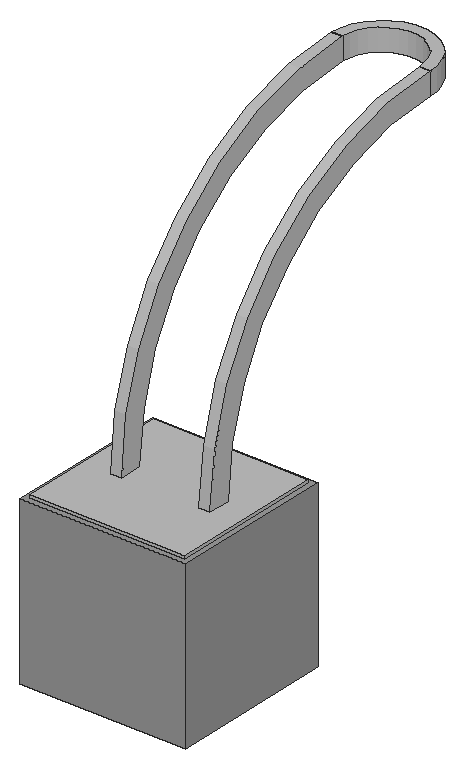
Revit family "L-FUM_자전거 보관대_DWC-140_데오스웍스", category 일반 모델, Revit 2021
Family settings
  보강 철근 호스트 가능 = 아니오
  원형 커넥터 치수 = 지름 사용
  부품 유형 = 보통
  작업 기준면 기반 = 아니오
  항상 수직 = 예
  로드될 때 보이드를 사용하여 절단 = 아니오
  공유 = 아니오
  룸 계산 점 = 아니오
Parameters
  한국산업규격KS = ""
  조달청표준공사코드-세부공종 = "24222623"
  기본 입면도 = 0 mm
  건설정보분류체계-부위분류 = "E943"
  LIM_INFO_주의사항 = "재배포, 재가공, 판매 금지"
  LIM_INFO_제품업체 = "예건"
  LIM_INFO_제품번호 = "YF-16"
  LIM_INFO_제품명 = "펜스_YF-16"
  LIM_INFO_제작일 = "20230315"
  LIM_INFO_재료 = "Hardwood, STL-pipe, STL-plate"
  LIM_INFO_업체정보 = ""
  LIM_INFO_업체URL = "https://yekun.com/"
  LIM_INFO_업체TEL = "(+82)31-943-6114"
  LIM_INFO_업체EMAIL = "yekun@yekun.com"
  LIM_INFO_버전 = "2023_V01"
  LIM_INFO_기타정보 = ""
  LIM_INFO_규격 = "W2000 x H1800"
  LIM_INFO_가격 = 0
  LIM_INFO_PV_포장재여부 = yes
  LIM_INFO_PV_면적 = 0.00 m²
  KBIMS_식별-버전 = ""
  KBIMS_식별-bSK등록번호 = ""
  KBIMS_보급정보-저작자 = "림인포테크_MMJ"
  KBIMS_보급정보-보급코드 = ""
Reference planes
  plane 1 "중심(앞/뒤)": y = 0
  plane 2: z = 0
  plane 3 "중심(왼쪽/오른쪽)": x = 0
Dimensions and locks
  aligned and locked: level to plane 2
Nested families
  nested 1: "DWC-140_base" at (0, 0, 0), type "DWC-140_base"
Definition of nested family "DWC-140_base"
  Parameters (values of type "DWC-140_base")
    Default Elevation = 0 mm
  Reference planes
    plane 1 "중심(앞/뒤)": y = 0
    plane 2: z = 0
    plane 3 "중심(왼쪽/오른쪽)": x = 0
  Forms (mm)
    Sweep 1, solid, not visible, detail levels fine
      path origin (0, 0, 0) x (1, 0, 0) y (0, 1, 0)
        loop
          circle (-1867.879, -167.062) r 568.25
      profile origin (-1867.879, 401.188, 0) x (0, -1, 0) y (0, 0, 1)
        loop
          circle (0, 0) r 28.75
        loop
          circle (0, 0) r 30.25
    Sweep 2, solid, not visible, detail levels coarse+medium
      path origin (0, 0, 0) x (1, 0, 0) y (0, 1, 0)
        loop
          circle (-1867.879, -167.062) r 568.25
      profile origin (-1867.879, 401.188, 0) x (0, -1, 0) y (0, 0, 1)
        loop
          line (26.465, -11.234) -> (26.657, 10.77) -> (11.234, 26.465) -> (-10.77, 26.657) -> (-26.465, 11.234) -> (-26.657, -10.77) -> (-11.234, -26.465) -> (10.77, -26.657) -> (26.465, -11.234)
        loop
          line (28.047, 11.332) -> (11.82, 27.845) -> (-11.332, 28.047) -> (-27.845, 11.82) -> (-28.047, -11.332) -> (-11.82, -27.845) -> (11.332, -28.047) -> (27.845, -11.82) -> (28.047, 11.332)
    Sweep 3, solid, not visible, detail levels fine
      path origin (0, 0, -1310.25) x (1, 0, 0) y (0, 1, 0)
        loop
          circle (-1867.879, -167.062) r 568.25
      profile origin (-1867.879, 401.188, -1310.25) x (0, -1, 0) y (0, 0, 1)
        loop
          circle (0, 1310.25) r 28.75
        loop
          circle (0, 1310.25) r 30.25
    Sweep 4, solid, not visible, detail levels coarse+medium
      path origin (0, 0, -1310.25) x (1, 0, 0) y (0, 1, 0)
        loop
          circle (-1867.879, -167.062) r 568.25
      profile origin (-1867.879, 401.188, -1310.25) x (0, -1, 0) y (0, 0, 1)
        loop
          line (26.465, 1299.016) -> (26.657, 1321.02) -> (11.234, 1336.715) -> (-10.77, 1336.907) -> (-26.465, 1321.484) -> (-26.657, 1299.48) -> (-11.234, 1283.785) -> (10.77, 1283.593) -> (26.465, 1299.016)
        loop
          line (28.047, 1321.582) -> (11.82, 1338.095) -> (-11.332, 1338.297) -> (-27.845, 1322.07) -> (-28.047, 1298.918) -> (-11.82, 1282.405) -> (11.332, 1282.203) -> (27.845, 1298.43) -> (28.047, 1321.582)
    Extrusion 5, solid, not visible
      sketch origin (0, 0, 0) x (1, 0, 0) y (0, 1, 0)
        loop
          line (-1678.243, -2480.024) -> (-1613.986, -2453.408)
          arc (-1613.986, -2453.408) -> (-1612.495, -2452.007) -> (-1612.304, -2449.969) r 2.893
          line (-1612.304, -2449.969) -> (-1622.315, -2413.562) -> (-1700.528, -2445.959) -> (-1681.864, -2478.781)
          arc (-1681.864, -2478.781) -> (-1680.288, -2480.087) -> (-1678.243, -2480.024) r 2.893
        loop
          line (-1517.968, -2394.568) -> (-1465.081, -2349.398)
          arc (-1465.081, -2349.398) -> (-1464.096, -2347.605) -> (-1464.544, -2345.608) r 2.893
          line (-1464.544, -2345.608) -> (-1485.315, -2314.077) -> (-1549.689, -2369.057) -> (-1521.796, -2394.505)
          arc (-1521.796, -2394.505) -> (-1519.893, -2395.26) -> (-1517.968, -2394.568) r 2.893
        loop
          line (-1391.945, -2263.766) -> (-1355.605, -2204.465)
          arc (-1355.605, -2204.465) -> (-1355.222, -2202.454) -> (-1356.265, -2200.694) r 2.893
          line (-1356.265, -2200.694) -> (-1385.763, -2177.125) -> (-1429.997, -2249.307) -> (-1395.605, -2264.89)
          arc (-1395.605, -2264.89) -> (-1393.562, -2265.02) -> (-1391.945, -2263.766) r 2.893
        loop
          line (-1312.509, -2100.424) -> (-1296.273, -2032.795)
          arc (-1296.273, -2032.795) -> (-1296.53, -2030.765) -> (-1298.067, -2029.413) r 2.893
          line (-1298.067, -2029.413) -> (-1333.404, -2016.112) -> (-1353.167, -2098.431) -> (-1315.643, -2102.623)
          arc (-1315.643, -2102.623) -> (-1313.66, -2102.116) -> (-1312.509, -2100.424) r 2.893
        loop
          line (-1287.437, -1920.529) -> (-1292.894, -1851.193)
          arc (-1292.894, -1851.193) -> (-1293.766, -1849.341) -> (-1295.645, -1848.53) r 2.893
          line (-1295.645, -1848.53) -> (-1333.364, -1846.801) -> (-1326.722, -1931.197) -> (-1289.738, -1923.589)
          arc (-1289.738, -1923.589) -> (-1288.009, -1922.494) -> (-1287.437, -1920.529) r 2.893
        loop
          line (-1319.183, -1741.691) -> (-1345.799, -1677.435)
          arc (-1345.799, -1677.435) -> (-1347.201, -1675.943) -> (-1349.238, -1675.753) r 2.893
          line (-1349.238, -1675.753) -> (-1385.645, -1685.763) -> (-1353.248, -1763.977) -> (-1320.426, -1745.312)
          arc (-1320.426, -1745.312) -> (-1319.12, -1743.736) -> (-1319.183, -1741.691) r 2.893
        loop
          line (-1404.64, -1581.416) -> (-1449.809, -1528.529)
          arc (-1449.809, -1528.529) -> (-1451.603, -1527.544) -> (-1453.6, -1527.992) r 2.893
          line (-1453.6, -1527.992) -> (-1485.131, -1548.764) -> (-1430.15, -1613.138) -> (-1404.702, -1585.244)
          arc (-1404.702, -1585.244) -> (-1403.947, -1583.342) -> (-1404.64, -1581.416) r 2.893
        loop
          line (-1535.441, -1455.393) -> (-1594.742, -1419.053)
          arc (-1594.742, -1419.053) -> (-1596.753, -1418.67) -> (-1598.513, -1419.714) r 2.893
          line (-1598.513, -1419.714) -> (-1622.083, -1449.212) -> (-1549.9, -1493.445) -> (-1534.317, -1459.053)
          arc (-1534.317, -1459.053) -> (-1534.187, -1457.01) -> (-1535.441, -1455.393) r 2.893
        loop
          line (-1698.784, -1375.958) -> (-1766.412, -1359.721)
          arc (-1766.412, -1359.721) -> (-1768.443, -1359.978) -> (-1769.795, -1361.515) r 2.893
          line (-1769.795, -1361.515) -> (-1783.095, -1396.853) -> (-1700.777, -1416.616) -> (-1696.584, -1379.091)
          arc (-1696.584, -1379.091) -> (-1697.091, -1377.108) -> (-1698.784, -1375.958) r 2.893
        loop
          line (-1878.679, -1350.886) -> (-1948.015, -1356.343)
          arc (-1948.015, -1356.343) -> (-1949.866, -1357.215) -> (-1950.677, -1359.094) r 2.893
          line (-1950.677, -1359.094) -> (-1952.406, -1396.812) -> (-1868.01, -1390.17) -> (-1875.618, -1353.187)
          arc (-1875.618, -1353.187) -> (-1876.713, -1351.457) -> (-1878.679, -1350.886) r 2.893
        loop
          line (-2057.516, -1382.632) -> (-2121.773, -1409.247)
          arc (-2121.773, -1409.247) -> (-2123.264, -1410.649) -> (-2123.455, -1412.687) r 2.893
          line (-2123.455, -1412.687) -> (-2113.444, -1449.093) -> (-2035.231, -1416.696) -> (-2053.895, -1383.874)
          arc (-2053.895, -1383.874) -> (-2055.471, -1382.568) -> (-2057.516, -1382.632) r 2.893
        loop
          line (-2217.791, -1468.088) -> (-2270.678, -1513.257)
          arc (-2270.678, -1513.257) -> (-2271.663, -1515.051) -> (-2271.215, -1517.048) r 2.893
          line (-2271.215, -1517.048) -> (-2250.444, -1548.579) -> (-2186.07, -1493.598) -> (-2213.963, -1468.15)
          arc (-2213.963, -1468.15) -> (-2215.865, -1467.395) -> (-2217.791, -1468.088) r 2.893
        loop
          line (-2343.814, -1598.889) -> (-2380.154, -1658.191)
          arc (-2380.154, -1658.191) -> (-2380.537, -1660.201) -> (-2379.494, -1661.962) r 2.893
          line (-2379.494, -1661.962) -> (-2349.996, -1685.531) -> (-2305.762, -1613.349) -> (-2340.154, -1597.766)
          arc (-2340.154, -1597.766) -> (-2342.197, -1597.635) -> (-2343.814, -1598.889) r 2.893
        loop
          line (-2437.692, -1833.243) -> (-2402.355, -1846.543) -> (-2382.592, -1764.225) -> (-2420.116, -1760.032)
          arc (-2420.116, -1760.032) -> (-2422.099, -1760.539) -> (-2423.25, -1762.232) r 2.893
          line (-2423.25, -1762.232) -> (-2439.486, -1829.861)
          arc (-2439.486, -1829.861) -> (-2439.229, -1831.891) -> (-2437.692, -1833.243) r 2.893
        loop
          line (-2440.113, -2014.125) -> (-2402.395, -2015.855) -> (-2409.037, -1931.458) -> (-2446.021, -1939.067)
          arc (-2446.021, -1939.067) -> (-2447.75, -1940.162) -> (-2448.322, -1942.127) r 2.893
          line (-2448.322, -1942.127) -> (-2442.865, -2011.463)
          arc (-2442.865, -2011.463) -> (-2441.993, -2013.314) -> (-2440.113, -2014.125) r 2.893
        loop
          line (-2386.521, -2186.903) -> (-2350.114, -2176.892) -> (-2382.511, -2098.679) -> (-2415.333, -2117.343)
          arc (-2415.333, -2117.343) -> (-2416.639, -2118.919) -> (-2416.576, -2120.965) r 2.893
          line (-2416.576, -2120.965) -> (-2389.96, -2185.221)
          arc (-2389.96, -2185.221) -> (-2388.558, -2186.712) -> (-2386.521, -2186.903) r 2.893
        loop
          line (-2282.159, -2334.663) -> (-2250.628, -2313.892) -> (-2305.609, -2249.518) -> (-2331.057, -2277.412)
          arc (-2331.057, -2277.412) -> (-2331.812, -2279.314) -> (-2331.119, -2281.24) r 2.893
          line (-2331.119, -2281.24) -> (-2285.95, -2334.126)
          arc (-2285.95, -2334.126) -> (-2284.156, -2335.112) -> (-2282.159, -2334.663) r 2.893
        loop
          line (-2137.246, -2442.942) -> (-2113.676, -2413.444) -> (-2185.859, -2369.21) -> (-2201.441, -2403.603)
          arc (-2201.441, -2403.603) -> (-2201.572, -2405.645) -> (-2200.318, -2407.263) r 2.893
          line (-2200.318, -2407.263) -> (-2141.017, -2443.603)
          arc (-2141.017, -2443.603) -> (-2139.006, -2443.986) -> (-2137.246, -2442.942) r 2.893
        loop
          line (-1965.964, -2501.141) -> (-1952.664, -2465.803) -> (-2034.982, -2446.04) -> (-2039.175, -2483.564)
          arc (-2039.175, -2483.564) -> (-2038.668, -2485.547) -> (-2036.975, -2486.698) r 2.893
          line (-2036.975, -2486.698) -> (-1969.347, -2502.934)
          arc (-1969.347, -2502.934) -> (-1967.316, -2502.677) -> (-1965.964, -2501.141) r 2.893
        loop
          line (-1785.082, -2503.562) -> (-1783.353, -2465.844) -> (-1867.749, -2472.486) -> (-1860.141, -2509.469)
          arc (-1860.141, -2509.469) -> (-1859.046, -2511.198) -> (-1857.08, -2511.77) r 2.893
          line (-1857.08, -2511.77) -> (-1787.744, -2506.313)
          arc (-1787.744, -2506.313) -> (-1785.893, -2505.441) -> (-1785.082, -2503.562) r 2.893
      from 0 to 680
    Extrusion 6, solid, not visible
      sketch origin (-326.184, 269.167, 0) x (0.987613, 0.156911, 0) y (-0.156911, 0.987613, 0)
        loop
          line (-1678.243, -2480.024) -> (-1613.986, -2453.408)
          arc (-1613.986, -2453.408) -> (-1612.495, -2452.007) -> (-1612.304, -2449.969) r 2.893
          line (-1612.304, -2449.969) -> (-1622.315, -2413.562) -> (-1700.528, -2445.959) -> (-1681.864, -2478.781)
          arc (-1681.864, -2478.781) -> (-1680.288, -2480.087) -> (-1678.243, -2480.024) r 2.893
        loop
          line (-1517.968, -2394.568) -> (-1465.081, -2349.398)
          arc (-1465.081, -2349.398) -> (-1464.096, -2347.605) -> (-1464.544, -2345.608) r 2.893
          line (-1464.544, -2345.608) -> (-1485.315, -2314.077) -> (-1549.689, -2369.057) -> (-1521.796, -2394.505)
          arc (-1521.796, -2394.505) -> (-1519.893, -2395.26) -> (-1517.968, -2394.568) r 2.893
        loop
          line (-1391.945, -2263.766) -> (-1355.605, -2204.465)
          arc (-1355.605, -2204.465) -> (-1355.222, -2202.454) -> (-1356.265, -2200.694) r 2.893
          line (-1356.265, -2200.694) -> (-1385.763, -2177.125) -> (-1429.997, -2249.307) -> (-1395.605, -2264.89)
          arc (-1395.605, -2264.89) -> (-1393.562, -2265.02) -> (-1391.945, -2263.766) r 2.893
        loop
          line (-1312.509, -2100.424) -> (-1296.273, -2032.795)
          arc (-1296.273, -2032.795) -> (-1296.53, -2030.765) -> (-1298.067, -2029.413) r 2.893
          line (-1298.067, -2029.413) -> (-1333.404, -2016.112) -> (-1353.167, -2098.431) -> (-1315.643, -2102.623)
          arc (-1315.643, -2102.623) -> (-1313.66, -2102.116) -> (-1312.509, -2100.424) r 2.893
        loop
          line (-1287.437, -1920.529) -> (-1292.894, -1851.193)
          arc (-1292.894, -1851.193) -> (-1293.766, -1849.341) -> (-1295.645, -1848.53) r 2.893
          line (-1295.645, -1848.53) -> (-1333.364, -1846.801) -> (-1326.722, -1931.197) -> (-1289.738, -1923.589)
          arc (-1289.738, -1923.589) -> (-1288.009, -1922.494) -> (-1287.437, -1920.529) r 2.893
        loop
          line (-1319.183, -1741.691) -> (-1345.799, -1677.435)
          arc (-1345.799, -1677.435) -> (-1347.201, -1675.943) -> (-1349.238, -1675.753) r 2.893
          line (-1349.238, -1675.753) -> (-1385.645, -1685.763) -> (-1353.248, -1763.977) -> (-1320.426, -1745.312)
          arc (-1320.426, -1745.312) -> (-1319.12, -1743.736) -> (-1319.183, -1741.691) r 2.893
        loop
          line (-1404.64, -1581.416) -> (-1449.809, -1528.529)
          arc (-1449.809, -1528.529) -> (-1451.603, -1527.544) -> (-1453.6, -1527.992) r 2.893
          line (-1453.6, -1527.992) -> (-1485.131, -1548.764) -> (-1430.15, -1613.138) -> (-1404.702, -1585.244)
          arc (-1404.702, -1585.244) -> (-1403.947, -1583.342) -> (-1404.64, -1581.416) r 2.893
        loop
          line (-1535.441, -1455.393) -> (-1594.742, -1419.053)
          arc (-1594.742, -1419.053) -> (-1596.753, -1418.67) -> (-1598.513, -1419.714) r 2.893
          line (-1598.513, -1419.714) -> (-1622.083, -1449.212) -> (-1549.9, -1493.445) -> (-1534.317, -1459.053)
          arc (-1534.317, -1459.053) -> (-1534.187, -1457.01) -> (-1535.441, -1455.393) r 2.893
        loop
          line (-1698.784, -1375.958) -> (-1766.412, -1359.721)
          arc (-1766.412, -1359.721) -> (-1768.443, -1359.978) -> (-1769.795, -1361.515) r 2.893
          line (-1769.795, -1361.515) -> (-1783.095, -1396.853) -> (-1700.777, -1416.616) -> (-1696.584, -1379.091)
          arc (-1696.584, -1379.091) -> (-1697.091, -1377.108) -> (-1698.784, -1375.958) r 2.893
        loop
          line (-1878.679, -1350.886) -> (-1948.015, -1356.343)
          arc (-1948.015, -1356.343) -> (-1949.866, -1357.215) -> (-1950.677, -1359.094) r 2.893
          line (-1950.677, -1359.094) -> (-1952.406, -1396.812) -> (-1868.01, -1390.17) -> (-1875.618, -1353.187)
          arc (-1875.618, -1353.187) -> (-1876.713, -1351.457) -> (-1878.679, -1350.886) r 2.893
        loop
          line (-2057.516, -1382.632) -> (-2121.773, -1409.247)
          arc (-2121.773, -1409.247) -> (-2123.264, -1410.649) -> (-2123.455, -1412.687) r 2.893
          line (-2123.455, -1412.687) -> (-2113.444, -1449.093) -> (-2035.231, -1416.696) -> (-2053.895, -1383.874)
          arc (-2053.895, -1383.874) -> (-2055.471, -1382.568) -> (-2057.516, -1382.632) r 2.893
        loop
          line (-2217.791, -1468.088) -> (-2270.678, -1513.257)
          arc (-2270.678, -1513.257) -> (-2271.663, -1515.051) -> (-2271.215, -1517.048) r 2.893
          line (-2271.215, -1517.048) -> (-2250.444, -1548.579) -> (-2186.07, -1493.598) -> (-2213.963, -1468.15)
          arc (-2213.963, -1468.15) -> (-2215.865, -1467.395) -> (-2217.791, -1468.088) r 2.893
        loop
          line (-2343.814, -1598.889) -> (-2380.154, -1658.191)
          arc (-2380.154, -1658.191) -> (-2380.537, -1660.201) -> (-2379.494, -1661.962) r 2.893
          line (-2379.494, -1661.962) -> (-2349.996, -1685.531) -> (-2305.762, -1613.349) -> (-2340.154, -1597.766)
          arc (-2340.154, -1597.766) -> (-2342.197, -1597.635) -> (-2343.814, -1598.889) r 2.893
        loop
          line (-2437.692, -1833.243) -> (-2402.355, -1846.543) -> (-2382.592, -1764.225) -> (-2420.116, -1760.032)
          arc (-2420.116, -1760.032) -> (-2422.099, -1760.539) -> (-2423.25, -1762.232) r 2.893
          line (-2423.25, -1762.232) -> (-2439.486, -1829.861)
          arc (-2439.486, -1829.861) -> (-2439.229, -1831.891) -> (-2437.692, -1833.243) r 2.893
        loop
          line (-2440.113, -2014.125) -> (-2402.395, -2015.855) -> (-2409.037, -1931.458) -> (-2446.021, -1939.067)
          arc (-2446.021, -1939.067) -> (-2447.75, -1940.162) -> (-2448.322, -1942.127) r 2.893
          line (-2448.322, -1942.127) -> (-2442.865, -2011.463)
          arc (-2442.865, -2011.463) -> (-2441.993, -2013.314) -> (-2440.113, -2014.125) r 2.893
        loop
          line (-2386.521, -2186.903) -> (-2350.114, -2176.892) -> (-2382.511, -2098.679) -> (-2415.333, -2117.343)
          arc (-2415.333, -2117.343) -> (-2416.639, -2118.919) -> (-2416.576, -2120.965) r 2.893
          line (-2416.576, -2120.965) -> (-2389.96, -2185.221)
          arc (-2389.96, -2185.221) -> (-2388.558, -2186.712) -> (-2386.521, -2186.903) r 2.893
        loop
          line (-2282.159, -2334.663) -> (-2250.628, -2313.892) -> (-2305.609, -2249.518) -> (-2331.057, -2277.412)
          arc (-2331.057, -2277.412) -> (-2331.812, -2279.314) -> (-2331.119, -2281.24) r 2.893
          line (-2331.119, -2281.24) -> (-2285.95, -2334.126)
          arc (-2285.95, -2334.126) -> (-2284.156, -2335.112) -> (-2282.159, -2334.663) r 2.893
        loop
          line (-2137.246, -2442.942) -> (-2113.676, -2413.444) -> (-2185.859, -2369.21) -> (-2201.441, -2403.603)
          arc (-2201.441, -2403.603) -> (-2201.572, -2405.645) -> (-2200.318, -2407.263) r 2.893
          line (-2200.318, -2407.263) -> (-2141.017, -2443.603)
          arc (-2141.017, -2443.603) -> (-2139.006, -2443.986) -> (-2137.246, -2442.942) r 2.893
        loop
          line (-1965.964, -2501.141) -> (-1952.664, -2465.803) -> (-2034.982, -2446.04) -> (-2039.175, -2483.564)
          arc (-2039.175, -2483.564) -> (-2038.668, -2485.547) -> (-2036.975, -2486.698) r 2.893
          line (-2036.975, -2486.698) -> (-1969.347, -2502.934)
          arc (-1969.347, -2502.934) -> (-1967.316, -2502.677) -> (-1965.964, -2501.141) r 2.893
        loop
          line (-1785.082, -2503.562) -> (-1783.353, -2465.844) -> (-1867.749, -2472.486) -> (-1860.141, -2509.469)
          arc (-1860.141, -2509.469) -> (-1859.046, -2511.198) -> (-1857.08, -2511.77) r 2.893
          line (-1857.08, -2511.77) -> (-1787.744, -2506.313)
          arc (-1787.744, -2506.313) -> (-1785.893, -2505.441) -> (-1785.082, -2503.562) r 2.893
      from 0 to 680
    Extrusion 7, solid, not visible
      sketch origin (0, 0, 0) x (1, 0, 0) y (0, 1, 0)
        loop
          circle (-1867.879, -1931.328) r 537.5
        loop
          circle (-1867.879, -1931.328) r 539.5
      from 0 to 794.31
    Sweep 8, solid, not visible, detail levels fine
      path origin (0, -1764.266, -542.405) x (1, 0, 0) y (0, 1, 0)
        loop
          circle (-1867.879, -167.062) r 568.25
      profile origin (-1867.879, -1363.078, -542.405) x (0, -1, 0) y (0, 0, 1)
        loop
          circle (0, 1310.25) r 28.75
        loop
          circle (0, 1310.25) r 30.25
    Sweep 9, solid, not visible, detail levels coarse+medium
      path origin (0, -1764.266, -542.405) x (1, 0, 0) y (0, 1, 0)
        loop
          circle (-1867.879, -167.062) r 568.25
      profile origin (-1867.879, -1363.078, -542.405) x (0, -1, 0) y (0, 0, 1)
        loop
          line (26.465, 1299.016) -> (26.657, 1321.02) -> (11.234, 1336.715) -> (-10.77, 1336.907) -> (-26.465, 1321.484) -> (-26.657, 1299.48) -> (-11.234, 1283.785) -> (10.77, 1283.593) -> (26.465, 1299.016)
        loop
          line (28.047, 1321.582) -> (11.82, 1338.095) -> (-11.332, 1338.297) -> (-27.845, 1322.07) -> (-28.047, 1298.918) -> (-11.82, 1282.405) -> (11.332, 1282.203) -> (27.845, 1298.43) -> (28.047, 1321.582)
    Sweep 10, solid, not visible, detail levels fine
      path origin (0, -1764.266, -1278.297) x (1, 0, 0) y (0, 1, 0)
        loop
          circle (-1867.879, -167.062) r 568.25
      profile origin (-1867.879, -1363.078, -1278.297) x (0, -1, 0) y (0, 0, 1)
        loop
          circle (0, 1310.25) r 28.75
        loop
          circle (0, 1310.25) r 30.25
    Sweep 11, solid, not visible, detail levels coarse+medium
      path origin (0, -1764.266, -1278.297) x (1, 0, 0) y (0, 1, 0)
        loop
          circle (-1867.879, -167.062) r 568.25
      profile origin (-1867.879, -1363.078, -1278.297) x (0, -1, 0) y (0, 0, 1)
        loop
          line (26.465, 1299.016) -> (26.657, 1321.02) -> (11.234, 1336.715) -> (-10.77, 1336.907) -> (-26.465, 1321.484) -> (-26.657, 1299.48) -> (-11.234, 1283.785) -> (10.77, 1283.593) -> (26.465, 1299.016)
        loop
          line (28.047, 1321.582) -> (11.82, 1338.095) -> (-11.332, 1338.297) -> (-27.845, 1322.07) -> (-28.047, 1298.918) -> (-11.82, 1282.405) -> (11.332, 1282.203) -> (27.845, 1298.43) -> (28.047, 1321.582)
    Extrusion 12, solid, not visible
      sketch origin (0, 0, 60) x (1, 0, 0) y (0, 1, 0)
        loop
          line (-1678.243, -2480.024) -> (-1613.986, -2453.408)
          arc (-1613.986, -2453.408) -> (-1612.495, -2452.007) -> (-1612.304, -2449.969) r 2.893
          line (-1612.304, -2449.969) -> (-1622.315, -2413.562) -> (-1700.528, -2445.959) -> (-1681.864, -2478.781)
          arc (-1681.864, -2478.781) -> (-1680.288, -2480.087) -> (-1678.243, -2480.024) r 2.893
        loop
          line (-1517.968, -2394.568) -> (-1465.081, -2349.398)
          arc (-1465.081, -2349.398) -> (-1464.096, -2347.605) -> (-1464.544, -2345.608) r 2.893
          line (-1464.544, -2345.608) -> (-1485.315, -2314.077) -> (-1549.689, -2369.057) -> (-1521.796, -2394.505)
          arc (-1521.796, -2394.505) -> (-1519.893, -2395.26) -> (-1517.968, -2394.568) r 2.893
        loop
          line (-1391.945, -2263.766) -> (-1355.605, -2204.465)
          arc (-1355.605, -2204.465) -> (-1355.222, -2202.454) -> (-1356.265, -2200.694) r 2.893
          line (-1356.265, -2200.694) -> (-1385.763, -2177.125) -> (-1429.997, -2249.307) -> (-1395.605, -2264.89)
          arc (-1395.605, -2264.89) -> (-1393.562, -2265.02) -> (-1391.945, -2263.766) r 2.893
        loop
          line (-1312.509, -2100.424) -> (-1296.273, -2032.795)
          arc (-1296.273, -2032.795) -> (-1296.53, -2030.765) -> (-1298.067, -2029.413) r 2.893
          line (-1298.067, -2029.413) -> (-1333.404, -2016.112) -> (-1353.167, -2098.431) -> (-1315.643, -2102.623)
          arc (-1315.643, -2102.623) -> (-1313.66, -2102.116) -> (-1312.509, -2100.424) r 2.893
        loop
          line (-1287.437, -1920.529) -> (-1292.894, -1851.193)
          arc (-1292.894, -1851.193) -> (-1293.766, -1849.341) -> (-1295.645, -1848.53) r 2.893
          line (-1295.645, -1848.53) -> (-1333.364, -1846.801) -> (-1326.722, -1931.197) -> (-1289.738, -1923.589)
          arc (-1289.738, -1923.589) -> (-1288.009, -1922.494) -> (-1287.437, -1920.529) r 2.893
        loop
          line (-1319.183, -1741.691) -> (-1345.799, -1677.435)
          arc (-1345.799, -1677.435) -> (-1347.201, -1675.943) -> (-1349.238, -1675.753) r 2.893
          line (-1349.238, -1675.753) -> (-1385.645, -1685.763) -> (-1353.248, -1763.977) -> (-1320.426, -1745.312)
          arc (-1320.426, -1745.312) -> (-1319.12, -1743.736) -> (-1319.183, -1741.691) r 2.893
        loop
          line (-1404.64, -1581.416) -> (-1449.809, -1528.529)
          arc (-1449.809, -1528.529) -> (-1451.603, -1527.544) -> (-1453.6, -1527.992) r 2.893
          line (-1453.6, -1527.992) -> (-1485.131, -1548.764) -> (-1430.15, -1613.138) -> (-1404.702, -1585.244)
          arc (-1404.702, -1585.244) -> (-1403.947, -1583.342) -> (-1404.64, -1581.416) r 2.893
        loop
          line (-1535.441, -1455.393) -> (-1594.742, -1419.053)
          arc (-1594.742, -1419.053) -> (-1596.753, -1418.67) -> (-1598.513, -1419.714) r 2.893
          line (-1598.513, -1419.714) -> (-1622.083, -1449.212) -> (-1549.9, -1493.445) -> (-1534.317, -1459.053)
          arc (-1534.317, -1459.053) -> (-1534.187, -1457.01) -> (-1535.441, -1455.393) r 2.893
        loop
          line (-1698.784, -1375.958) -> (-1766.412, -1359.721)
          arc (-1766.412, -1359.721) -> (-1768.443, -1359.978) -> (-1769.795, -1361.515) r 2.893
          line (-1769.795, -1361.515) -> (-1783.095, -1396.853) -> (-1700.777, -1416.616) -> (-1696.584, -1379.091)
          arc (-1696.584, -1379.091) -> (-1697.091, -1377.108) -> (-1698.784, -1375.958) r 2.893
        loop
          line (-1878.679, -1350.886) -> (-1948.015, -1356.343)
          arc (-1948.015, -1356.343) -> (-1949.866, -1357.215) -> (-1950.677, -1359.094) r 2.893
          line (-1950.677, -1359.094) -> (-1952.406, -1396.812) -> (-1868.01, -1390.17) -> (-1875.618, -1353.187)
          arc (-1875.618, -1353.187) -> (-1876.713, -1351.457) -> (-1878.679, -1350.886) r 2.893
        loop
          line (-2057.516, -1382.632) -> (-2121.773, -1409.247)
          arc (-2121.773, -1409.247) -> (-2123.264, -1410.649) -> (-2123.455, -1412.687) r 2.893
          line (-2123.455, -1412.687) -> (-2113.444, -1449.093) -> (-2035.231, -1416.696) -> (-2053.895, -1383.874)
          arc (-2053.895, -1383.874) -> (-2055.471, -1382.568) -> (-2057.516, -1382.632) r 2.893
        loop
          line (-2217.791, -1468.088) -> (-2270.678, -1513.257)
          arc (-2270.678, -1513.257) -> (-2271.663, -1515.051) -> (-2271.215, -1517.048) r 2.893
          line (-2271.215, -1517.048) -> (-2250.444, -1548.579) -> (-2186.07, -1493.598) -> (-2213.963, -1468.15)
          arc (-2213.963, -1468.15) -> (-2215.865, -1467.395) -> (-2217.791, -1468.088) r 2.893
        loop
          line (-2343.814, -1598.889) -> (-2380.154, -1658.191)
          arc (-2380.154, -1658.191) -> (-2380.537, -1660.201) -> (-2379.494, -1661.962) r 2.893
          line (-2379.494, -1661.962) -> (-2349.996, -1685.531) -> (-2305.762, -1613.349) -> (-2340.154, -1597.766)
          arc (-2340.154, -1597.766) -> (-2342.197, -1597.635) -> (-2343.814, -1598.889) r 2.893
        loop
          line (-2437.692, -1833.243) -> (-2402.355, -1846.543) -> (-2382.592, -1764.225) -> (-2420.116, -1760.032)
          arc (-2420.116, -1760.032) -> (-2422.099, -1760.539) -> (-2423.25, -1762.232) r 2.893
          line (-2423.25, -1762.232) -> (-2439.486, -1829.861)
          arc (-2439.486, -1829.861) -> (-2439.229, -1831.891) -> (-2437.692, -1833.243) r 2.893
        loop
          line (-2440.113, -2014.125) -> (-2402.395, -2015.855) -> (-2409.037, -1931.458) -> (-2446.021, -1939.067)
          arc (-2446.021, -1939.067) -> (-2447.75, -1940.162) -> (-2448.322, -1942.127) r 2.893
          line (-2448.322, -1942.127) -> (-2442.865, -2011.463)
          arc (-2442.865, -2011.463) -> (-2441.993, -2013.314) -> (-2440.113, -2014.125) r 2.893
        loop
          line (-2386.521, -2186.903) -> (-2350.114, -2176.892) -> (-2382.511, -2098.679) -> (-2415.333, -2117.343)
          arc (-2415.333, -2117.343) -> (-2416.639, -2118.919) -> (-2416.576, -2120.965) r 2.893
          line (-2416.576, -2120.965) -> (-2389.96, -2185.221)
          arc (-2389.96, -2185.221) -> (-2388.558, -2186.712) -> (-2386.521, -2186.903) r 2.893
        loop
          line (-2282.159, -2334.663) -> (-2250.628, -2313.892) -> (-2305.609, -2249.518) -> (-2331.057, -2277.412)
          arc (-2331.057, -2277.412) -> (-2331.812, -2279.314) -> (-2331.119, -2281.24) r 2.893
          line (-2331.119, -2281.24) -> (-2285.95, -2334.126)
          arc (-2285.95, -2334.126) -> (-2284.156, -2335.112) -> (-2282.159, -2334.663) r 2.893
        loop
          line (-2137.246, -2442.942) -> (-2113.676, -2413.444) -> (-2185.859, -2369.21) -> (-2201.441, -2403.603)
          arc (-2201.441, -2403.603) -> (-2201.572, -2405.645) -> (-2200.318, -2407.263) r 2.893
          line (-2200.318, -2407.263) -> (-2141.017, -2443.603)
          arc (-2141.017, -2443.603) -> (-2139.006, -2443.986) -> (-2137.246, -2442.942) r 2.893
        loop
          line (-1965.964, -2501.141) -> (-1952.664, -2465.803) -> (-2034.982, -2446.04) -> (-2039.175, -2483.564)
          arc (-2039.175, -2483.564) -> (-2038.668, -2485.547) -> (-2036.975, -2486.698) r 2.893
          line (-2036.975, -2486.698) -> (-1969.347, -2502.934)
          arc (-1969.347, -2502.934) -> (-1967.316, -2502.677) -> (-1965.964, -2501.141) r 2.893
        loop
          line (-1785.082, -2503.562) -> (-1783.353, -2465.844) -> (-1867.749, -2472.486) -> (-1860.141, -2509.469)
          arc (-1860.141, -2509.469) -> (-1859.046, -2511.198) -> (-1857.08, -2511.77) r 2.893
          line (-1857.08, -2511.77) -> (-1787.744, -2506.313)
          arc (-1787.744, -2506.313) -> (-1785.893, -2505.441) -> (-1785.082, -2503.562) r 2.893
      from 0 to 680
    Extrusion 13, solid, not visible
      sketch origin (-326.184, 269.167, 60) x (0.987613, 0.156911, 0) y (-0.156911, 0.987613, 0)
        loop
          line (-1678.243, -2480.024) -> (-1613.986, -2453.408)
          arc (-1613.986, -2453.408) -> (-1612.495, -2452.007) -> (-1612.304, -2449.969) r 2.893
          line (-1612.304, -2449.969) -> (-1622.315, -2413.562) -> (-1700.528, -2445.959) -> (-1681.864, -2478.781)
          arc (-1681.864, -2478.781) -> (-1680.288, -2480.087) -> (-1678.243, -2480.024) r 2.893
        loop
          line (-1517.968, -2394.568) -> (-1465.081, -2349.398)
          arc (-1465.081, -2349.398) -> (-1464.096, -2347.605) -> (-1464.544, -2345.608) r 2.893
          line (-1464.544, -2345.608) -> (-1485.315, -2314.077) -> (-1549.689, -2369.057) -> (-1521.796, -2394.505)
          arc (-1521.796, -2394.505) -> (-1519.893, -2395.26) -> (-1517.968, -2394.568) r 2.893
        loop
          line (-1391.945, -2263.766) -> (-1355.605, -2204.465)
          arc (-1355.605, -2204.465) -> (-1355.222, -2202.454) -> (-1356.265, -2200.694) r 2.893
          line (-1356.265, -2200.694) -> (-1385.763, -2177.125) -> (-1429.997, -2249.307) -> (-1395.605, -2264.89)
          arc (-1395.605, -2264.89) -> (-1393.562, -2265.02) -> (-1391.945, -2263.766) r 2.893
        loop
          line (-1312.509, -2100.424) -> (-1296.273, -2032.795)
          arc (-1296.273, -2032.795) -> (-1296.53, -2030.765) -> (-1298.067, -2029.413) r 2.893
          line (-1298.067, -2029.413) -> (-1333.404, -2016.112) -> (-1353.167, -2098.431) -> (-1315.643, -2102.623)
          arc (-1315.643, -2102.623) -> (-1313.66, -2102.116) -> (-1312.509, -2100.424) r 2.893
        loop
          line (-1287.437, -1920.529) -> (-1292.894, -1851.193)
          arc (-1292.894, -1851.193) -> (-1293.766, -1849.341) -> (-1295.645, -1848.53) r 2.893
          line (-1295.645, -1848.53) -> (-1333.364, -1846.801) -> (-1326.722, -1931.197) -> (-1289.738, -1923.589)
          arc (-1289.738, -1923.589) -> (-1288.009, -1922.494) -> (-1287.437, -1920.529) r 2.893
        loop
          line (-1319.183, -1741.691) -> (-1345.799, -1677.435)
          arc (-1345.799, -1677.435) -> (-1347.201, -1675.943) -> (-1349.238, -1675.753) r 2.893
          line (-1349.238, -1675.753) -> (-1385.645, -1685.763) -> (-1353.248, -1763.977) -> (-1320.426, -1745.312)
          arc (-1320.426, -1745.312) -> (-1319.12, -1743.736) -> (-1319.183, -1741.691) r 2.893
        loop
          line (-1404.64, -1581.416) -> (-1449.809, -1528.529)
          arc (-1449.809, -1528.529) -> (-1451.603, -1527.544) -> (-1453.6, -1527.992) r 2.893
          line (-1453.6, -1527.992) -> (-1485.131, -1548.764) -> (-1430.15, -1613.138) -> (-1404.702, -1585.244)
          arc (-1404.702, -1585.244) -> (-1403.947, -1583.342) -> (-1404.64, -1581.416) r 2.893
        loop
          line (-1535.441, -1455.393) -> (-1594.742, -1419.053)
          arc (-1594.742, -1419.053) -> (-1596.753, -1418.67) -> (-1598.513, -1419.714) r 2.893
          line (-1598.513, -1419.714) -> (-1622.083, -1449.212) -> (-1549.9, -1493.445) -> (-1534.317, -1459.053)
          arc (-1534.317, -1459.053) -> (-1534.187, -1457.01) -> (-1535.441, -1455.393) r 2.893
        loop
          line (-1698.784, -1375.958) -> (-1766.412, -1359.721)
          arc (-1766.412, -1359.721) -> (-1768.443, -1359.978) -> (-1769.795, -1361.515) r 2.893
          line (-1769.795, -1361.515) -> (-1783.095, -1396.853) -> (-1700.777, -1416.616) -> (-1696.584, -1379.091)
          arc (-1696.584, -1379.091) -> (-1697.091, -1377.108) -> (-1698.784, -1375.958) r 2.893
        loop
          line (-1878.679, -1350.886) -> (-1948.015, -1356.343)
          arc (-1948.015, -1356.343) -> (-1949.866, -1357.215) -> (-1950.677, -1359.094) r 2.893
          line (-1950.677, -1359.094) -> (-1952.406, -1396.812) -> (-1868.01, -1390.17) -> (-1875.618, -1353.187)
          arc (-1875.618, -1353.187) -> (-1876.713, -1351.457) -> (-1878.679, -1350.886) r 2.893
        loop
          line (-2057.516, -1382.632) -> (-2121.773, -1409.247)
          arc (-2121.773, -1409.247) -> (-2123.264, -1410.649) -> (-2123.455, -1412.687) r 2.893
          line (-2123.455, -1412.687) -> (-2113.444, -1449.093) -> (-2035.231, -1416.696) -> (-2053.895, -1383.874)
          arc (-2053.895, -1383.874) -> (-2055.471, -1382.568) -> (-2057.516, -1382.632) r 2.893
        loop
          line (-2217.791, -1468.088) -> (-2270.678, -1513.257)
          arc (-2270.678, -1513.257) -> (-2271.663, -1515.051) -> (-2271.215, -1517.048) r 2.893
          line (-2271.215, -1517.048) -> (-2250.444, -1548.579) -> (-2186.07, -1493.598) -> (-2213.963, -1468.15)
          arc (-2213.963, -1468.15) -> (-2215.865, -1467.395) -> (-2217.791, -1468.088) r 2.893
        loop
          line (-2343.814, -1598.889) -> (-2380.154, -1658.191)
          arc (-2380.154, -1658.191) -> (-2380.537, -1660.201) -> (-2379.494, -1661.962) r 2.893
          line (-2379.494, -1661.962) -> (-2349.996, -1685.531) -> (-2305.762, -1613.349) -> (-2340.154, -1597.766)
          arc (-2340.154, -1597.766) -> (-2342.197, -1597.635) -> (-2343.814, -1598.889) r 2.893
        loop
          line (-2437.692, -1833.243) -> (-2402.355, -1846.543) -> (-2382.592, -1764.225) -> (-2420.116, -1760.032)
          arc (-2420.116, -1760.032) -> (-2422.099, -1760.539) -> (-2423.25, -1762.232) r 2.893
          line (-2423.25, -1762.232) -> (-2439.486, -1829.861)
          arc (-2439.486, -1829.861) -> (-2439.229, -1831.891) -> (-2437.692, -1833.243) r 2.893
        loop
          line (-2440.113, -2014.125) -> (-2402.395, -2015.855) -> (-2409.037, -1931.458) -> (-2446.021, -1939.067)
          arc (-2446.021, -1939.067) -> (-2447.75, -1940.162) -> (-2448.322, -1942.127) r 2.893
          line (-2448.322, -1942.127) -> (-2442.865, -2011.463)
          arc (-2442.865, -2011.463) -> (-2441.993, -2013.314) -> (-2440.113, -2014.125) r 2.893
        loop
          line (-2386.521, -2186.903) -> (-2350.114, -2176.892) -> (-2382.511, -2098.679) -> (-2415.333, -2117.343)
          arc (-2415.333, -2117.343) -> (-2416.639, -2118.919) -> (-2416.576, -2120.965) r 2.893
          line (-2416.576, -2120.965) -> (-2389.96, -2185.221)
          arc (-2389.96, -2185.221) -> (-2388.558, -2186.712) -> (-2386.521, -2186.903) r 2.893
        loop
          line (-2282.159, -2334.663) -> (-2250.628, -2313.892) -> (-2305.609, -2249.518) -> (-2331.057, -2277.412)
          arc (-2331.057, -2277.412) -> (-2331.812, -2279.314) -> (-2331.119, -2281.24) r 2.893
          line (-2331.119, -2281.24) -> (-2285.95, -2334.126)
          arc (-2285.95, -2334.126) -> (-2284.156, -2335.112) -> (-2282.159, -2334.663) r 2.893
        loop
          line (-2137.246, -2442.942) -> (-2113.676, -2413.444) -> (-2185.859, -2369.21) -> (-2201.441, -2403.603)
          arc (-2201.441, -2403.603) -> (-2201.572, -2405.645) -> (-2200.318, -2407.263) r 2.893
          line (-2200.318, -2407.263) -> (-2141.017, -2443.603)
          arc (-2141.017, -2443.603) -> (-2139.006, -2443.986) -> (-2137.246, -2442.942) r 2.893
        loop
          line (-1965.964, -2501.141) -> (-1952.664, -2465.803) -> (-2034.982, -2446.04) -> (-2039.175, -2483.564)
          arc (-2039.175, -2483.564) -> (-2038.668, -2485.547) -> (-2036.975, -2486.698) r 2.893
          line (-2036.975, -2486.698) -> (-1969.347, -2502.934)
          arc (-1969.347, -2502.934) -> (-1967.316, -2502.677) -> (-1965.964, -2501.141) r 2.893
        loop
          line (-1785.082, -2503.562) -> (-1783.353, -2465.844) -> (-1867.749, -2472.486) -> (-1860.141, -2509.469)
          arc (-1860.141, -2509.469) -> (-1859.046, -2511.198) -> (-1857.08, -2511.77) r 2.893
          line (-1857.08, -2511.77) -> (-1787.744, -2506.313)
          arc (-1787.744, -2506.313) -> (-1785.893, -2505.441) -> (-1785.082, -2503.562) r 2.893
      from 0 to 680
    Extrusion 14, solid, not visible
      sketch origin (0, -1764.266, 4.107) x (1, 0, 0) y (0, 1, 0)
        loop
          arc (-2404.542, -137.062) -> (-2405.379, -167.062) -> (-2404.542, -197.062) r 537.5
          line (-2404.542, -197.062) -> (-1331.217, -197.062)
          arc (-1331.217, -197.062) -> (-1330.379, -167.062) -> (-1331.217, -137.062) r 537.5
          line (-1331.217, -137.062) -> (-2404.542, -137.062)
      from 0 to 40
    Extrusion 15, solid, not visible
      sketch origin (-2034.942, -63.448, 4.107) x (0, 1, 0) y (-1, 0, 0)
        loop
          arc (-2404.542, -137.062) -> (-2405.379, -167.062) -> (-2404.542, -197.062) r 537.5
          line (-2404.542, -197.062) -> (-1331.217, -197.062)
          arc (-1331.217, -197.062) -> (-1330.379, -167.062) -> (-1331.217, -137.062) r 537.5
          line (-1331.217, -137.062) -> (-2404.542, -137.062)
      from 0 to 40
    Extrusion 16, solid, not visible
      sketch origin (0, -1764.266, 44.107) x (1, 0, 0) y (0, 1, 0)
        loop
          circle (-1867.879, -167.062) r 537.5
        loop
          circle (-2080.012, -379.194) r 10
        loop
          circle (-1655.747, -379.194) r 10
        loop
          circle (-1655.747, 45.07) r 10
        loop
          circle (-2080.012, 45.07) r 10
      from 0 to 1.2
    Extrusion 17, solid, not visible
      sketch origin (0, 142.026, 0) x (1, 0, 0) y (0, 0, 1)
        loop
          line (250.196, 700) -> (250.196, 50) -> (310.196, 50) -> (310.196, 700) -> (250.196, 700)
      from 0 to 20
    Revolve 18, solid, not visible, detail levels coarse+medium
      sketch origin (0, 0, 0) x (1, 0, 0) y (0, 0, 1)
        loop
          line (2550.799, 933.793) -> (2552.49, 933.793) -> (2552.49, 934.794) -> (2550.649, 934.794)
          arc (2550.649, 934.794) -> (2545.113, 933.3) -> (2541.082, 929.223) r 11
          line (2541.082, 929.223) -> (2530.908, 911.294) -> (2530.34, 910.294) -> (2531.49, 910.294) -> (2541.952, 928.73)
          arc (2541.952, 928.73) -> (2545.617, 932.436) -> (2550.649, 933.794) r 10
        axis (2567.64, 934.794) -> (2567.64, 910.294)
      angle from 0 to 360
    Revolve 19, solid, not visible, detail levels coarse+medium
      sketch origin (0, 0, 0) x (1, 0, 0) y (0, 0, 1)
        loop
          line (2552.79, 910.294) -> (2552.79, 933.794) -> (2550.949, 933.794)
          arc (2550.949, 933.794) -> (2545.917, 932.436) -> (2542.252, 928.73) r 10
          line (2542.252, 928.73) -> (2531.79, 910.294) -> (2533.63, 910.294) -> (2543.643, 927.94)
          arc (2543.643, 927.94) -> (2546.722, 931.053) -> (2550.949, 932.194) r 8.4
          line (2550.949, 932.194) -> (2550.949, 910.294) -> (2552.79, 910.294)
        axis (2567.64, 933.794) -> (2567.64, 910.294)
      angle from 0 to 360
    Extrusion 20, solid, detail levels fine
      sketch origin (80, 5465.474, -2316.914) x (0, -1, 0) y (0, 0, 1)
        loop
          arc (5335.476, 2316.914) -> (5187.976, 2668.527) -> (4835.485, 2813.914) r 500
          line (4835.485, 2813.914) -> (4835.485, 2773.914)
          arc (4835.485, 2773.914) -> (5159.691, 2640.242) -> (5295.475, 2316.914) r 460
          line (5295.475, 2316.914) -> (5335.476, 2316.914)
      from 0 to 20
    Extrusion 21, solid, detail levels fine
      sketch origin (-650.558, -1857.533, 457) x (1, 0, 0) y (0, 1, 0)
        loop
          arc (890.545, 2487.523) -> (800.545, 2577.523) -> (710.545, 2487.523) r 90
          line (710.545, 2487.523) -> (730.545, 2487.523)
          arc (730.545, 2487.523) -> (800.545, 2557.523) -> (870.545, 2487.523) r 70
          line (870.545, 2487.523) -> (890.545, 2487.523)
      from 0 to 40
    Extrusion 22, solid, detail levels fine
      sketch origin (239.987, 5465.474, -2316.914) x (0, -1, 0) y (0, 0, 1)
        loop
          arc (5335.476, 2316.914) -> (5187.976, 2668.527) -> (4835.485, 2813.914) r 500
          line (4835.485, 2813.914) -> (4835.485, 2773.914)
          arc (4835.485, 2773.914) -> (5159.691, 2640.242) -> (5295.475, 2316.914) r 460
          line (5295.475, 2316.914) -> (5335.476, 2316.914)
      from 0 to 20
    Extrusion 23, solid, detail levels fine
      sketch origin (-650.545, -1857.549, 0) x (1, 0, 0) y (0, 1, 0)
        loop
          line (650.545, 2157.549) -> (650.545, 1857.549) -> (950.545, 1857.549) -> (950.545, 2157.549) -> (650.545, 2157.549)
      from -5 to -305
    Extrusion 24, solid, detail levels fine
      sketch origin (-201.057, -1985.66, 0) x (1, 0, 0) y (0, 1, 0)
        loop
          line (211.057, 2275.66) -> (211.057, 1995.66) -> (491.057, 1995.66) -> (491.057, 2275.66) -> (211.057, 2275.66)
      from 0 to -5
    Extrusion 25, solid, detail levels coarse+medium
      sketch origin (-650.558, -1857.533, 457) x (1, 0, 0) y (0, 1, 0)
        loop
          line (710.545, 2487.523) -> (730.545, 2487.523) -> (739.923, 2522.523) -> (765.545, 2548.145) -> (800.545, 2557.523) -> (835.545, 2548.145) -> (861.167, 2522.523) -> (870.545, 2487.523) -> (890.545, 2487.523) -> (878.487, 2532.523) -> (845.545, 2565.465) -> (800.545, 2577.523) -> (755.545, 2565.465) -> (722.603, 2532.523) -> (710.545, 2487.523)
      from 0 to 40
    Extrusion 26, solid, detail levels coarse+medium
      sketch origin (239.987, 5465.474, -2316.914) x (0, -1, 0) y (0, 0, 1)
        loop
          line (4835.485, 2813.914) -> (4835.485, 2773.704) -> (4929.131, 2764.088) -> (5009.664, 2739.466) -> (5089.045, 2697.448) -> (5169.984, 2629.292) -> (5233.618, 2543.802) -> (5274.589, 2449.865) -> (5295.007, 2316.914) -> (5335.476, 2316.914) -> (5313.335, 2461.083) -> (5268.446, 2564.003) -> (5199.299, 2656.899) -> (5111.539, 2730.8) -> (5025.006, 2776.604) -> (4937.097, 2803.48) -> (4835.485, 2813.914)
      from 0 to 20
    Extrusion 27, solid, detail levels coarse+medium
      sketch origin (-650.545, -1857.549, 0) x (1, 0, 0) y (0, 1, 0)
        loop
          line (650.545, 2157.549) -> (650.545, 1857.549) -> (950.545, 1857.549) -> (950.545, 2157.549) -> (650.545, 2157.549)
      from -5 to -305
    Extrusion 28, solid, detail levels coarse+medium
      sketch origin (-201.057, -1985.66, 0) x (1, 0, 0) y (0, 1, 0)
        loop
          line (211.057, 2275.66) -> (211.057, 1995.66) -> (491.057, 1995.66) -> (491.057, 2275.66) -> (211.057, 2275.66)
      from 0 to -5
    Extrusion 29, solid, detail levels coarse+medium
      sketch origin (79.987, 5465.474, -2316.914) x (0, -1, 0) y (0, 0, 1)
        loop
          line (4835.485, 2813.914) -> (4835.485, 2773.704) -> (4929.131, 2764.088) -> (5009.664, 2739.466) -> (5089.045, 2697.448) -> (5169.984, 2629.292) -> (5233.618, 2543.802) -> (5274.589, 2449.865) -> (5295.007, 2316.914) -> (5335.476, 2316.914) -> (5313.335, 2461.083) -> (5268.446, 2564.003) -> (5199.299, 2656.899) -> (5111.539, 2730.8) -> (5025.006, 2776.604) -> (4937.097, 2803.48) -> (4835.485, 2813.914)
      from 0 to 20
  Dimensions and locks
    aligned and locked: level to plane 2
